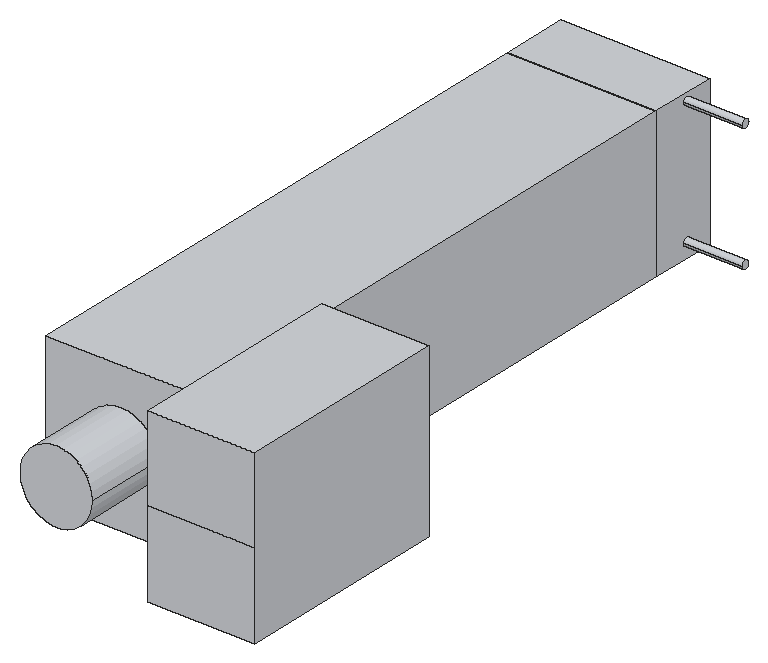
Revit family
Parameters (values of type "Inlet Size 05 with 1 Row Hot Water Coil")
  Width = 10"
  URL = "http://www.anemostat.com"
  Type Comments = ""
  Radius = Diameter / 2  # 2 7/16"
  Model = "EZTA With Hot Water Coil"
  Manufacturer = "Anemostat"
  Length = 38 3/4"
  Height = 10"
  HWC Depth "A" = 4 1/2"
  HWC Conn Radius = HWC Conn Diameter / 2  # 1/4"
  HWC Conn Diameter = 1/2"
  HWC Conn "E" = 1 1/16"
  HWC Conn "D" = 7/16"
  HWC Conn "C" = 2"
  HWC Conn "B" = 2"
  Duct Inlet = Radius + 1/32"  # 2 15/32"
  Duct Discharge Width = Width - 1 1/4"  # 8 3/4"
  Duct Discharge Height = Height - 1 1/4"  # 8 3/4"
  Diameter = 4 7/8"
  Description = "Single Duct Air Terminal with Attenuator and Hot Water Coil"
  Control Enclosure [instance] = yes
Types (19): name | Width | Radius | Height | HWC Depth "A" | HWC Conn Radius | HWC Conn Diameter | HWC Conn "E" | HWC Conn "D" | HWC Conn "C" | HWC Conn "B" | Duct Inlet | Duct Discharge Width | Duct Discharge Height | Diameter
  (no name) | 10" | 2 7/16" | 10" | 4 1/2" | 1/4" | 1/2" | 1 1/16" | 7/16" | 2" | 2" | 2 15/32" | 8 3/4" | 8 3/4" | 4 7/8"
  Inlet Size 05 with 1 Row Hot Water Coil | 10" | 2 7/16" | 10" | 4 1/2" | 1/4" | 1/2" | 1 1/16" | 7/16" | 2" | 2" | 2 15/32" | 8 3/4" | 8 3/4" | 4 7/8"
  Inlet Size 06 with 1 Row Hot Water Coil | 10" | 2 15/16" | 10" | 4 1/2" | 1/4" | 1/2" | 1 1/16" | 7/16" | 2" | 2" | 2 31/32" | 8 3/4" | 8 3/4" | 5 7/8"
  Inlet Size 07 with 1 Row Hot Water Coil | 12" | 3 7/16" | 10" | 4 1/2" | 1/4" | 1/2" | 1 1/16" | 7/16" | 2" | 2" | 3 15/32" | 10 3/4" | 8 3/4" | 6 7/8"
  Inlet Size 08 with 1 Row Hot Water Coil | 12" | 3 15/16" | 10" | 4 1/2" | 1/4" | 1/2" | 1 1/16" | 7/16" | 2" | 2" | 3 31/32" | 10 3/4" | 8 3/4" | 7 7/8"
  Inlet Size 09 with 1 Row Hot Water Coil | 14" | 4 7/16" | 12 1/2" | 4 1/2" | 1/4" | 1/2" | 1 1/16" | 7/16" | 2" | 2" | 4 15/32" | 12 3/4" | 11 1/4" | 8 7/8"
  Inlet Size 10 with 1 Row Hot Water Coil | 14" | 4 15/16" | 12 1/2" | 4 1/2" | 1/4" | 1/2" | 1 1/16" | 7/16" | 2" | 2" | 4 31/32" | 12 3/4" | 11 1/4" | 9 7/8"
  Inlet Size 12 with 1 Row Hot Water Coil | 16" | 5 15/16" | 15" | 4 1/2" | 7/16" | 7/8" | 1 37/64" | 15/16" | 1 39/64" | 3 3/8" | 5 31/32" | 14 3/4" | 13 3/4" | 11 7/8"
  Inlet Size 14 with 1 Row Hot Water Coil | 20" | 6 15/16" | 17 1/2" | 4 1/2" | 7/16" | 7/8" | 1 37/64" | 15/16" | 1 5/8" | 3 25/64" | 6 31/32" | 18 3/4" | 16 1/4" | 13 7/8"
  Inlet Size 16 with 1 Row Hot Water Coil | 24" | 7 15/16" | 17 1/2" | 4 1/2" | 7/16" | 7/8" | 1 37/64" | 15/16" | 1 39/64" | 3 3/8" | 7 31/32" | 22 3/4" | 16 1/4" | 15 7/8"
  Inlet Size 05 with 2 Row Hot Water Coil | 10" | 2 7/16" | 10" | 5 9/16" | 1/4" | 1/2" | 7/16" | 7/16" | 2 31/64" | 3 9/16" | 2 15/32" | 8 3/4" | 8 3/4" | 4 7/8"
  Inlet Size 06 with 2 Row Hot Water Coil | 10" | 2 15/16" | 10" | 5 9/16" | 1/4" | 1/2" | 7/16" | 7/16" | 2 31/64" | 3 9/16" | 2 31/32" | 8 3/4" | 8 3/4" | 5 7/8"
  Inlet Size 07 with 2 Row Hot Water Coil | 12" | 3 7/16" | 10" | 5 9/16" | 1/4" | 1/2" | 7/16" | 7/16" | 2 31/64" | 3 9/16" | 3 15/32" | 10 3/4" | 8 3/4" | 6 7/8"
  Inlet Size 08 with 2 Row Hot Water Coil | 12" | 3 15/16" | 10" | 5 9/16" | 1/4" | 1/2" | 7/16" | 7/16" | 2 31/64" | 3 9/16" | 3 31/32" | 10 3/4" | 8 3/4" | 7 7/8"
  Inlet Size 09 with 2 Row Hot Water Coil | 14" | 4 7/16" | 12 1/2" | 5 9/16" | 1/4" | 1/2" | 7/16" | 7/16" | 2 31/64" | 3 9/16" | 4 15/32" | 12 3/4" | 11 1/4" | 8 7/8"
  Inlet Size 10 with 2 Row Hot Water Coil | 14" | 4 15/16" | 12 1/2" | 5 9/16" | 1/4" | 1/2" | 7/16" | 7/16" | 2 31/64" | 3 9/16" | 4 31/32" | 12 3/4" | 11 1/4" | 9 7/8"
  Inlet Size 12 with 2 Row Hot Water Coil | 16" | 5 15/16" | 15" | 5 9/16" | 1/4" | 1/2" | 7/16" | 7/16" | 2 31/64" | 3 9/16" | 5 31/32" | 14 3/4" | 13 3/4" | 11 7/8"
  Inlet Size 14 with 2 Row Hot Water Coil | 20" | 6 15/16" | 17 1/2" | 5 9/16" | 7/16" | 7/8" | 15/16" | 15/16" | 2 31/64" | 3 9/16" | 6 31/32" | 18 3/4" | 16 1/4" | 13 7/8"
  Inlet Size 16 with 2 Row Hot Water Coil | 24" | 7 15/16" | 17 1/2" | 5 9/16" | 7/16" | 7/8" | 15/16" | 15/16" | 2 31/64" | 3 9/16" | 7 31/32" | 22 3/4" | 16 1/4" | 15 7/8"
Reference planes (in)
  plane 1 "Center (Front/Back)": y = 0
  plane 2: z = 0
  plane 3 "Center (Left/Right)": x = 0
  plane 4 "Right Face": x = 5
  plane 5 "Left Face": x = -5
  plane 6 "Left Slip & Drive": x = -4.375
  plane 7 "Right Slip & Drive": x = 4.375
  plane 8 "Back of Box": y = 38.75
  plane 9 "Inlet": y = -5.375
  plane 10 "Horiz. Centerline": z = 5
  plane 11 "Top of Box": z = 10
  plane 12: y = 43.25
  plane 13: z = 9.5625
  plane 14: z = 1.0625
  plane 15: y = 41.25
  plane 16: y = 41.25
  plane 17: y = -4
Forms (in)
  Extrusion 1, solid
    sketch origin (0, 0, 0) x (1, 0, 0) y (0, 1, 0)
      loop
        line (5, 0) -> (5, 38.75) -> (-5, 38.75) -> (-5, 0) -> (5, 0)
    from 0 to 10
  Extrusion 2, solid
    sketch origin (0, 0, 0) x (1, 0, 0) y (0, 0, 1)
      loop
        circle (0, 5) r 2.4375
    from 0 to 5.375
  Extrusion 3, solid
    sketch origin (0, 38.75, 0) x (-1, 0, 0) y (0, 0, 1)
      loop
        line (-5, 10) -> (-5, 0) -> (5, 0) -> (5, 10) -> (-5, 10)
    from 0 to 4.5 <- "HWC Depth "A""
  Extrusion 4, solid
    sketch origin (5, 0, 0) x (0, 1, 0) y (0, 0, 1)
      loop
        circle (41.25, 9.5625) r 0.25
    from 0 to 4
  Extrusion 5, solid
    sketch origin (5, 0, 0) x (0, 1, 0) y (0, 0, 1)
      loop
        circle (41.25, 1.0625) r 0.25
    from 0 to 4
  Extrusion 6, solid, visible <- "Control Enclosure"
    sketch origin (5, 0, 0) x (0, 1, 0) y (0, 0, 1)
      loop
        line (-4, 5) -> (-4, -0.75) -> (10.625, -0.75) -> (10.625, 5) -> (10.625, 10.75) -> (-4, 10.75) -> (-4, 5)
    from 0 to 7.25
Dimensions and locks (in)
  locked: plane 5 "Left Face" to plane 6 "Left Slip & Drive" at 0.625
  locked: plane 7 "Right Slip & Drive" to plane 4 "Right Face" at 0.625
  "Width": plane 5 "Left Face" to plane 4 "Right Face"
  locked: plane 1 "Center (Front/Back)" to plane 9 "Inlet" at 5.375
  "Height": plane 11 "Top of Box" to level
  equal spacing: plane 11 "Top of Box", plane 10 "Horiz. Centerline", level
  equal spacing: plane 5 "Left Face", plane 3 "Center (Left/Right)", plane 4 "Right Face"
  "HWC Conn "D"": plane 11 "Top of Box" to plane 13
  "HWC Conn "E"": plane 14 to plane 2
  "HWC Conn "B"": plane 15 to plane 12
  "HWC Conn "C"": plane 16 to plane 12
  "HWC Depth "A"": plane 12 to plane 8 "Back of Box"
  locked: plane 17 to plane 1 "Center (Front/Back)" at 4
  locked: Extrusion 6 sketch curve to plane 10 "Horiz. Centerline" at 5.75  (x2)
  "Length": plane 8 "Back of Box" to plane 1 "Center (Front/Back)"
  locked: Extrusion 6 sketch curve to Extrusion 6 sketch curve at 14.625
  "Radius": radius of Extrusion 2 sketch curve
  "HWC Conn Radius": radius of Extrusion 4 sketch curve
  "HWC Conn Radius": radius of Extrusion 5 sketch curve
  aligned and locked: plane 4 "Right Face" to Extrusion 1 sketch curve
  aligned and locked: Extrusion 1 sketch curve to plane 1 "Center (Front/Back)"
  aligned and locked: plane 8 "Back of Box" to Extrusion 1 sketch curve
  aligned and locked: Extrusion 1 sketch curve to plane 5 "Left Face"
  aligned and locked: Extrusion 1 to plane 2
  aligned and locked: plane 11 "Top of Box" to Extrusion 1
  aligned and locked: Extrusion 2 to plane 9 "Inlet"
  aligned and locked: Extrusion 2 to plane 1 "Center (Front/Back)"
  aligned and locked: Extrusion 1 to Extrusion 3 sketch curve
  aligned and locked: Extrusion 3 sketch curve to Extrusion 1  (x3)
Automatic sketch dimensions
  Extrusion 2 sketch curve to plane 3 "Center (Left/Right)" = 0"
  Extrusion 2 sketch curve to plane 10 "Horiz. Centerline" = 0"
  Extrusion 4 sketch curve to plane 13 = 0"
  Extrusion 4 sketch curve to plane 15 = 0"
  Extrusion 5 sketch curve to plane 14 = 0"
  Extrusion 5 sketch curve to plane 16 = 0"
  Extrusion 6 sketch curve to plane 10 "Horiz. Centerline" = 0"  (x2)
  Extrusion 6 sketch curve to plane 17 = 0"
Connectors (in)
  hvac at (0, -5.375, 5), driven by "Duct Inlet"
    settings: on Extrusion 2, index 1
  hvac at (0, 43.25, 5), driven by "Width", driven by "Height"
    settings: on Extrusion 3, index 2
  piping at (9, 41.25, 9.5625), driven by "HWC Conn Radius"
    settings: on Extrusion 4, index 3
  piping at (9, 41.25, 1.0625), driven by "HWC Conn Radius"
    settings: on Extrusion 5, index 4
  electrical at (12.25, 3.3125, 5)
    settings: on Extrusion 6, index 5
